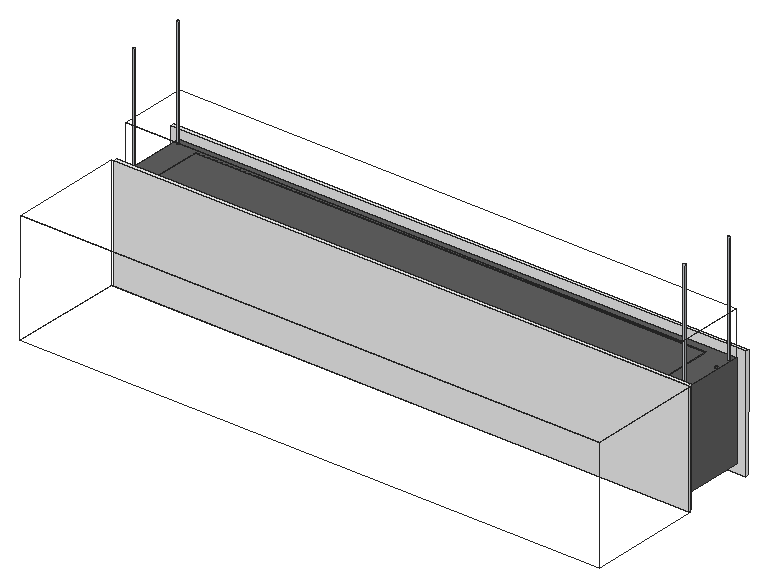
Revit family "AIRTECNICS_AIR CURTAIN_ZEN BB_AIR ONLY (A)", category Equipos mecánicos, Revit 2016
Family settings
  Tipo de pieza = Normal
  Cota de conector redondo = Diámetro de uso
  Número OmniClass = 23.75.70.21.17
  Título OmniClass = Air Curtains
  Se basa en plano de trabajo = No
  Siempre vertical = Sí
  Corte con vacíos al cargar = No
  Compartido = No
  Punto de cálculo de habitación = No
Parameters (values of type "ZEN BB 2500 A")
  · POSITION · [instance] = "-/ Select Curtain Position /-"  # constant formula
  · OTHERS · [instance] = "-/ Select Supports - Inst.Maint. Space /-"  # constant formula
  · HEATING · [instance] = "-/ Select Heating /-"  # constant formula
  Weight [instance] = size_lookup(Name_Lookup_Data, "Weight", 1.00 kg, CT)  # 94.00 kg
  Voltage [instance] = 230 V  # constant formula
  Vertical Right [instance] = no
  Vertical Left [instance] = no
  URL_Manufacturer = "https://www.airtecnics.com/"
  URL_Datasheet = "https://www.airtecnics.com/download/file/7538/zen-bb.pdf"
  Supports Length [instance] = 500.0 mm
  Supports (Horizontal) [instance] = yes
  Revit Version = "Revit 2016 - English"  # constant formula
  Review Date = "02/2019"  # constant formula
  Remote Control = "-"  # constant formula
  URL = "https://www.airtecnics.com/products/air-curtain-zen-bb"
  Product Size = if(L = 1000.0 mm, "1000", if(L = 1500.0 mm, "1500", if(L = 2000.0 mm, "2000", "2500")))  # "2500"
  Product Reference [instance] = size_lookup(Name_Lookup_Ref, "", "Consult Manufacturer", CT)  # "ZEN BB 2500 A"
  Product Heating [instance] = "Air"  # constant formula
  Product Description [instance] = size_lookup(Name_Lookup_Data, "", "", CT)  # "Decorative air curtain in contemporary architectural style. Its minimalist and smart design integrates in any environment and offers infinite options to customize.\r\nThe panels can include logos, lighting, signage, safety or information signs, graphics, pictures, clocks, all according to customer specifications.\r\nFront anodized aluminium panels. Optionally manufactured in brushed or mirror polished stainless steel. Other materials are possible, such as galvanized steel, smooth or texturated skinplate, wood, etc.\r\nCentral structure made of galvanized steel finished in black forge as standard. Other colours are available on request. \r\nAnodized aluminium outlet vanes, airfoil shaped, adjustable in both directions.\r\nEC Double-inlet centrifugal fans driven by an external rotor motor and low noise level, with very low consumption efficency fans.\r\n“A” type without heating, air only. \r\nIncludes Clever control (programmable, automatic, intelligent, energy saving, Modbus RTU for BMS…)\r\nAir Volume: 9380 m3/h \r\nFans:  2,037 kW  9,03 A 230Vx1 50/60Hz\r\nDimensions: 341x513x2620 mm (depth, height, length)"
  Power Fans Factor [instance] = 0.98  # constant formula
  Power Fans [instance] = size_lookup(Name_Lookup_Data, "Power Fans", 1 kW, CT)  # 2.037 kW
  Noise Level (dB(A)) [instance] = size_lookup(Name_Lookup_Data, "Noise Level (dB(A))", 1, CT)  # 69
  Name_Lookup_Ref = "ZEN BB_(A)_Ref_Lookup"  # constant formula
  Name_Lookup_Data = "ZEN BB_(A)_Data_Lookup"  # constant formula
  Modelo = "Air Curtain ZEN BB A"  # constant formula
  Material Panels [instance] = AIRTECNICS_Alumium Anodized
  Material Grille = AIRTECNICS_Perforated_Black Forge
  Material Curtain [instance] = AIRTECNICS_Black Forge
  Length = if(L = 1000.0 mm, 1220.0 mm, if(L = 1500.0 mm, 1620.0 mm, if(L = 2000.0 mm, 2120.0 mm, 2620.0 mm)))  # 2620.0 mm
  Height = 513.0 mm  # constant formula
  Frequency = 50 Hz  # constant formula
  Fans Stage = 5  # constant formula
  Family Version = "1.0"  # constant formula
  Depth = 341.0 mm  # constant formula
  Current Fans [instance] = size_lookup(Name_Lookup_Data, "Current Fans", 1 A, CT)  # 9.03 A
  Created by = "BIMETRICAL"  # constant formula
  Control [instance] = "Clever Kit"  # constant formula
  Cable = "-"  # constant formula
  CT [instance] = if(L = 1000.0 mm, 2, 0) + if(L = 1500.0 mm, 4, 0) + if(L = 2000.0 mm, 8, 0) + if(L = 2500.0 mm, 16, 0)  # 16
  Aspiration/Maintenance Space [instance] = yes
  Apparent Load [instance] = size_lookup(Name_Lookup_Data, "Apparent Load", 1000 VA, CT)  # 2079 VA
  Airflow [instance] = size_lookup(Name_Lookup_Data, "Airflow", 1 m³/h, CT)  # 9380 m³/h
  B [instance] = if(Horizontal, 256.5 mm, if(L < 1500.0 mm, (1220.0 mm / 2) + 18.0 mm, (L + 120.0 mm) / 2 + 18.0 mm))  # 256.5 mm
  L = 2500.0 mm
  Imagen de tipo = <Ninguno>
  IfcExportType = "CENTRIFUGALFORWARDCURVED"  # constant formula
  IfcExportAs = "IfcFanType"  # constant formula
  Horizontal [instance] = if(or(Vertical Left, Vertical Right), 1 = 0, 1 = 1)  # yes
  Fabricante = "AIRTECNICS"  # constant formula
  Description = ""
  Comentarios de tipo = "Decorative air curtain in contemporary architectural style. Its minimalist and smart design integrates in any environment and offers infinite options to customize.\r\nThe panels can include logos, lighting, signage, safety or information signs, graphics, pictures, clocks, all according to customer specifications.\r\nFront anodized aluminium panels. Optionally manufactured in brushed or mirror polished stainless steel. Other materials are possible, such as galvanized steel, smooth or texturated skinplate, wood, etc.\r\nCentral structure made of galvanized steel finished in black forge as standard. Other colours are available on request. \r\nAnodized aluminium outlet vanes, airfoil shaped, adjustable in both directions.\r\nEC Double-inlet centrifugal fans driven by an external rotor motor and low noise level, with very low consumption efficency fans.\r\n“P” type with water heated coil. “E” type with electrical shielded elements, three stages with integrated regulation. “A” type without heating, air only. Optional expansion DX coil.\r\nIncludes Clever control (programmable, automatic, intelligent, energy saving, Modbus RTU for BMS…)"  # constant formula
  BIMETRICAL Category = "Fan"  # constant formula
  BIMETRICAL = "http://www.bimetrical.com"  # constant formula
  Angle [instance] = if(Horizontal, 90.00°, if(Vertical Left, 180.00°, 0.00°))  # 90.00°
  A [instance] = 1 = 1  # yes
Types (4, lengths in mm): name | Weight | Product Size | Product Reference | Product Description | Power Fans | Noise Level (dB(A)) | Length | Current Fans | CT | Apparent Load | Airflow | L
  ZEN BB 1500 A | 55.50 kg | "1500" | "ZEN BB 1500 A" | "Decorative air curtain in contemporary architectural style. Its minimalist and smart design integrates in any environment and offers infinite options to customize.\r\nThe panels can include logos, lighting, signage, safety or information signs, graphics, pictures, clocks, all according to customer specifications.\r\nFront anodized aluminium panels. Optionally manufactured in brushed or mirror polished stainless steel. Other materials are possible, such as galvanized steel, smooth or texturated skinplate, wood, etc.\r\nCentral structure made of galvanized steel finished in black forge as standard. Other colours are available on request. \r\nAnodized aluminium outlet vanes, airfoil shaped, adjustable in both directions.\r\nEC Double-inlet centrifugal fans driven by an external rotor motor and low noise level, with very low consumption efficency fans.\r\n“A” type without heating, air only. \r\nIncludes Clever control (programmable, automatic, intelligent, energy saving, Modbus RTU for BMS…)\r\nAir Volume: 5360 m3/h \r\nFans:  1,164 kW  5,16 A 230Vx1 50/60Hz\r\nDimensions: 341x513x1620 mm (depth, height, length)" | 1.164 kW | 67 | 1620.0 | 5.16 A | 4 | 1188 VA | 5360 m³/h | 1500.0
  ZEN BB 2000 A | 78.00 kg | "2000" | "ZEN BB 2000 A" | "Decorative air curtain in contemporary architectural style. Its minimalist and smart design integrates in any environment and offers infinite options to customize.\r\nThe panels can include logos, lighting, signage, safety or information signs, graphics, pictures, clocks, all according to customer specifications.\r\nFront anodized aluminium panels. Optionally manufactured in brushed or mirror polished stainless steel. Other materials are possible, such as galvanized steel, smooth or texturated skinplate, wood, etc.\r\nCentral structure made of galvanized steel finished in black forge as standard. Other colours are available on request. \r\nAnodized aluminium outlet vanes, airfoil shaped, adjustable in both directions.\r\nEC Double-inlet centrifugal fans driven by an external rotor motor and low noise level, with very low consumption efficency fans.\r\n“A” type without heating, air only. \r\nIncludes Clever control (programmable, automatic, intelligent, energy saving, Modbus RTU for BMS…)\r\nAir Volume: 8040 m3/h \r\nFans:  1,746 kW  7,74 A 230Vx1 50/60Hz\r\nDimensions: 341x513x2120 mm (depth, height, length)" | 1.746 kW | 68 | 2120.0 | 7.74 A | 8 | 1782 VA | 8040 m³/h | 2000.0
  ZEN BB 2500 A | 94.00 kg | "2500" | "ZEN BB 2500 A" | "Decorative air curtain in contemporary architectural style. Its minimalist and smart design integrates in any environment and offers infinite options to customize.\r\nThe panels can include logos, lighting, signage, safety or information signs, graphics, pictures, clocks, all according to customer specifications.\r\nFront anodized aluminium panels. Optionally manufactured in brushed or mirror polished stainless steel. Other materials are possible, such as galvanized steel, smooth or texturated skinplate, wood, etc.\r\nCentral structure made of galvanized steel finished in black forge as standard. Other colours are available on request. \r\nAnodized aluminium outlet vanes, airfoil shaped, adjustable in both directions.\r\nEC Double-inlet centrifugal fans driven by an external rotor motor and low noise level, with very low consumption efficency fans.\r\n“A” type without heating, air only. \r\nIncludes Clever control (programmable, automatic, intelligent, energy saving, Modbus RTU for BMS…)\r\nAir Volume: 9380 m3/h \r\nFans:  2,037 kW  9,03 A 230Vx1 50/60Hz\r\nDimensions: 341x513x2620 mm (depth, height, length)" | 2.037 kW | 69 | 2620.0 | 9.03 A | 16 | 2079 VA | 9380 m³/h | 2500.0
  ZEN BB 1000 A | 39.00 kg | "1000" | "ZEN BB 1000 A" | "Decorative air curtain in contemporary architectural style. Its minimalist and smart design integrates in any environment and offers infinite options to customize.\r\nThe panels can include logos, lighting, signage, safety or information signs, graphics, pictures, clocks, all according to customer specifications.\r\nFront anodized aluminium panels. Optionally manufactured in brushed or mirror polished stainless steel. Other materials are possible, such as galvanized steel, smooth or texturated skinplate, wood, etc.\r\nCentral structure made of galvanized steel finished in black forge as standard. Other colours are available on request. \r\nAnodized aluminium outlet vanes, airfoil shaped, adjustable in both directions.\r\nEC Double-inlet centrifugal fans driven by an external rotor motor and low noise level, with very low consumption efficency fans.\r\n“A” type without heating, air only. \r\nIncludes Clever control (programmable, automatic, intelligent, energy saving, Modbus RTU for BMS…)\r\nAir Volume: 4020 m3/h \r\nFans:  0,873 kW  3,87 A 230Vx1 50/60Hz\r\nDimensions: 341x513x1220 mm (depth, height, length)" | 0.873 kW | 66 | 1220.0 | 3.87 A | 2 | 891 VA | 4020 m³/h | 1000.0
Reference planes
  plane 1 "Centro (Frontal/Posterior)": z = 0
  plane 2: y = 246.57
  plane 3 "Centro (Izquierda/Derecha)": x = 0
  plane 4 "Susp": z = 256.5
Lines and regions (mm)
  reference lines
    curve 1: line (0, 246.57, 256.5) -> (0, 246.57, 111.5)
Dimensions and locks
  "B": plane 4 "Susp" to plane 1 "Centro (Frontal/Posterior)"
  "Angle": angle plane 4 "Susp" to curve 1
  aligned and locked: plane 3 "Centro (Izquierda/Derecha)" to curve 1
  aligned and locked: plane 4 "Susp" to curve 1
Nested families
  nested 1: "GEOM_ZEN BB" at (0, 234.594, 256.5), type "GEOM_ZEN BB"
    with Z 0.0 mm, Water Pipes_P2 yes, Vertical Left no, VME no, VMD no, V1 yes, P no, K 833.0 mm, J 847.0 mm, H 833.0 mm, G 817.0 mm, D_Pipping_Connector 20 mm, C_P 2, C_L 8, C2_D 114.0 mm, C2_C 68.5 mm, C2_B 92.94 mm, C2_A 404.52 mm, C1_D 54.0 mm, C1_C 26.52 mm, C1_B 92.94 mm, L 2500.0 mm, I 2544.0 mm, Horizontal yes, F 2490.0 mm, E 2620.0 mm, A.Conn_2 90.00°, A.Conn_1 -90.00°, A 2515.0 mm
Connectors
  electrical at (1255.5, 289.594, 473), driven by "Voltage", driven by "Apparent Load", driven by "Power Fans Factor"
    settings: on nested 1, index 1, voltage 230 V, apparent load 2079 VA, apparent load phase1 0 VA, apparent load phase2 0 VA, apparent load phase3 0 VA, power factor 0.98, load classification "HVAC", number of poles 1, system type 30, power factor state 1, is connector primary yes, connector utility no, sub classification motor no, connector description ""
Definition of nested family "GEOM_ZEN BB"
  Parameters (values of type "GEOM_ZEN BB")
    Z = if(Horizontal, 0.0 mm, if(L = 1000.0 mm, E / 2 + 18.0 mm, E / 2 + 20.0 mm))  # 830.0 mm
    Water Pipes_P4 = no
    Water Pipes_P3 = no
    Water Pipes_P2 = no
    Water Pipes_P1 = no
    Vsup = yes
    Vertical Right = no
    Vertical Left = yes
    VME = if(and(P, Vertical Right, Water Pipes_P4), 1 = 0, if(not(P), 1 = 0, 1 = 1))  # yes
    VMD = if(and(P, Vertical Left, Water Pipes_P1), 1 = 0, if(not(P), 1 = 0, 1 = 1))  # yes
    V1 = if(and(Vsup, Horizontal), 1 = 1, 1 = 0)  # no
    Revit Version = "Revit 2016 - English"  # constant formula
    Review Date = "02/19"  # constant formula
    P = yes
    O = if(L = 1000.0 mm, 54.5 mm, 52.5 mm)  # 52.5 mm
    Model = "ZEN BB"  # constant formula
    Material Perforated = none
    Material Panels = none
    Material Curtain = none
    Family Version = "2.0"  # constant formula
    Manufacturer = "AIRTECNICS"  # constant formula
    M = if(or(and(Vertical Left, Water Pipes_P1), and(Vertical Right, Water Pipes_P4)), 15.0 mm + 58.0 mm, 15.0 mm)  # 15.0 mm
    Lookup_Dimensions.C2_Name = "C2_Dimensions_Lookup"  # constant formula
    Lookup_Dimensions.C1_Name = "C1_Dimensions_Lookup"  # constant formula
    L_Sup = 500.0 mm
    K = if(L = 2500.0 mm, 833.0 mm, 0.0 mm)  # 0.0 mm
    J = if(L = 1500.0 mm, 764.0 mm, if(L = 2000.0 mm, 1014.0 mm, if(L = 2500.0 mm, 847.0 mm, 573.5 mm)))  # 764.0 mm
    H = if(L < 2500.0 mm, 0.0 mm, 817.0 mm + 16.0 mm)  # 0.0 mm
    G = if(L < 2500.0 mm, (E / 2) - 76.0 mm, 817.0 mm)  # 734.0 mm
    D_Pipping_Connector = 25 mm
    Created by = "BIMETRICAL"  # constant formula
    C_P = if(Water Pipes_P1, 1, if(Water Pipes_P2, 2, if(Water Pipes_P3, 4, 8)))  # 8
    C_L = if(L = 1000.0 mm, 1, if(L = 1500.0 mm, 2, if(L = 2000.0 mm, 4, 8)))  # 2
    C2_D = size_lookup(Lookup_Dimensions.C2_Name, "C2_D", 114.0 mm, C_L, C_P)  # 52.5 mm
    C2_C = size_lookup(Lookup_Dimensions.C2_Name, "C2_C", 68.5 mm, C_L, C_P)  # 53.0 mm
    C2_B = size_lookup(Lookup_Dimensions.C2_Name, "C2_B", 92.9 mm, C_L, C_P)  # 1527.05 mm
    C2_A = size_lookup(Lookup_Dimensions.C2_Name, "C2_A", 404.5 mm, C_L, C_P)  # 403.5 mm
    C1_D = size_lookup(Lookup_Dimensions.C1_Name, "C1_D", 54.0 mm, C_L, C_P)  # 291.0 mm
    C1_C = size_lookup(Lookup_Dimensions.C1_Name, "C1_C", 26.5 mm, C_L, C_P)  # 52.95 mm
    C1_B = size_lookup(Lookup_Dimensions.C1_Name, "C1_B", 92.9 mm, C_L, C_P)  # 1527.05 mm
    C1_A = size_lookup(Lookup_Dimensions.C1_Name, "C1_A", 447.5 mm, C_L, C_P)  # 446.5 mm
    L = 1500.0 mm
    I = if(L = 1000.0 mm, L + 140.0 mm, L + 44.0 mm)  # 1544.0 mm
    Horizontal = not(or(Vertical Left, Vertical Right))  # no
    F = I - 54.0 mm  # 1490.0 mm
    E = if(L = 1000.0 mm, L + 220.0 mm, L + 120.0 mm)  # 1620.0 mm
    Default Elevation = 1219.2 mm
    C = if(and(Water Pipes_P4, Horizontal, P), 100.0 mm, if(and(Water Pipes_P4, Vertical Left, P), 100.0 mm, 10.0 mm))  # 10.0 mm
    BIMETRICAL = "http://www.bimetrical.com/"  # constant formula
    B = if(and(Water Pipes_P1, Horizontal, P), 100.0 mm, if(and(Water Pipes_P1, Vertical Right, P), 100.0 mm, 10.0 mm))  # 10.0 mm
    Aspiration/Maintenance Space = yes
    A.Conn_2 = size_lookup(Lookup_Dimensions.C2_Name, "A.Conn_2", 90.00°, C_L, C_P)  # 180.00°
    A.Conn_1 = size_lookup(Lookup_Dimensions.C1_Name, "A.Conn_1", -90.00°, C_L, C_P)  # 180.00°
    A = if(L = 1000.0 mm, L + 115.0 mm, L + 15.0 mm)  # 1515.0 mm
  Reference planes
    plane 1 "Centro (Frontal/Posterior)": y = 0
    plane 2: z = 0
    plane 3 "Centro (Izquierda/Derecha)": x = 0
    plane 4: x = -810
    plane 5: x = 810
    plane 6: x = -770
    plane 7: x = 770
    plane 8: z = 256.5
    plane 9: z = -256.5
    plane 10: z = 216.5
    plane 11: z = -216.5
    plane 12: y = 170.5
    plane 13: y = 154.5
    plane 14: y = -170.5
    plane 15: y = -154.5
    plane 16: x = -745
    plane 17: x = 745
    plane 18: x = 0
    plane 19: x = -5
    plane 20: x = -8
    plane 21: x = 5
    plane 22: x = 8
    plane 23: x = -742
    plane 24: x = 0
    plane 25: x = -5
    plane 26: x = -8
    plane 27: x = 5
    plane 28: x = 8
    plane 29: y = -120.5
    plane 30: x = 717.05
    plane 31: z = 190
    plane 32: y = 118
    plane 33: z = 147
    plane 34: x = 717.05
    plane 35: x = -820
    plane 36: x = 820
    plane 37: y = 133.499
    plane 38: y = 64.222
    plane 39: y = 114.86
    plane 40: y = 82.86
  Forms (mm)
    Extrusion 1, solid
      sketch origin (0, 0, 0) x (1, 0, 0) y (0, 1, 0)
        loop
          line (-1219.2, 1219.2) -> (-1219.2, -1219.2) -> (1219.2, -1219.2) -> (1219.2, 1219.2) -> (-1219.2, 1219.2)
      from 0 to -304.8
    Extrusion 2, solid, material <- "Material Panels"
      sketch origin (0, -170.5, 326.389) x (0, 0, 1) y (1, 0, 0)
        loop
          line (-69.889, -810) -> (-69.889, 810) -> (-582.889, 810) -> (-582.889, -810) -> (-69.889, -810)
      from 0 to 16
    Extrusion 3, solid, material <- "Material Panels"
      sketch origin (0, 154.5, 326.389) x (0, 0, 1) y (1, 0, 0)
        loop
          line (-69.889, -810) -> (-69.889, 810) -> (-582.889, 810) -> (-582.889, -810) -> (-69.889, -810)
      from 0 to 16
    Extrusion 4, solid, material <- "Material Curtain"
      sketch origin (0, 0, 0) x (0, 1, 0) y (0, 0, 1)
        loop
          line (154.5, 216.5) -> (-154.5, 216.5) -> (-154.5, -216.5) -> (154.5, -216.5) -> (154.5, 216.5)
      from -770 to 770
    Extrusion 5, void
      sketch origin (-1104.823, -4572, 216.5) x (-1, 0, 0) y (0, -1, 0)
        loop
          line (-439.823, -4686) -> (-439.823, -4458) -> (-1764.323, -4458) -> (-1764.323, -4686) -> (-439.823, -4686)
      from 0 to -93
    Extrusion 6, solid
      sketch origin (-745, -4572, -102.205) x (0, 0, 1) y (0, -1, 0)
        loop
          line (-114.295, -4654.86) -> (-114.295, -4686.86) -> (-82.295, -4686.86) -> (-82.295, -4654.86) -> (-114.295, -4654.86)
      from 0 to 3
    Extrusion 7, solid
      sketch origin (995, -4572, -102.205) x (0, 0, 1) y (0, 1, 0)
        loop
          line (-114.295, 4686.86) -> (-114.295, 4654.86) -> (-82.295, 4654.86) -> (-82.295, 4686.86) -> (-114.295, 4686.86)
      from 250 to 253
    Extrusion 8, solid
      sketch origin (-8, -4572, -85.115) x (0, 0, 1) y (0, -1, 0)
        loop
          line (-131.385, -4654.86) -> (-131.385, -4686.86) -> (-99.385, -4686.86) -> (-99.385, -4654.86) -> (-131.385, -4654.86)
      from 0 to 3
    Extrusion 9, solid
      sketch origin (-540.688, -4572, -85.115) x (0, 0, 1) y (0, -1, 0)
        loop
          line (-131.385, -4686.86) -> (-99.385, -4686.86) -> (-99.385, -4654.86) -> (-131.385, -4654.86) -> (-131.385, -4686.86)
      from 545.688 to 548.688
    Extrusion 10, solid
      sketch origin (-5, -4572, -85.115) x (0, 0, 1) y (0, -1, 0)
        loop
          line (-131.385, -4705.499) -> (-99.385, -4705.499) -> (-99.385, -4636.222) -> (-131.385, -4636.222) -> (-131.385, -4705.499)
      from 0 to 10
    Extrusion 11, solid
      sketch origin (-8, -4572, -85.115) x (0, 0, 1) y (0, -1, 0)
        loop
          line (-131.385, -4686.86) -> (-99.385, -4686.86) -> (-99.385, -4654.86) -> (-131.385, -4654.86) -> (-131.385, -4686.86)
      from 0 to 3
    Extrusion 12, solid
      sketch origin (292.312, -4572, -85.115) x (0, 0, 1) y (0, -1, 0)
        loop
          line (-131.385, -4686.86) -> (-99.385, -4686.86) -> (-99.385, -4654.86) -> (-131.385, -4654.86) -> (-131.385, -4686.86)
      from -287.312 to -284.312
    Extrusion 13, solid
      sketch origin (-5, -4572, -85.115) x (0, 0, 1) y (0, -1, 0)
        loop
          line (-131.385, -4636.222) -> (-131.385, -4705.499) -> (-99.385, -4705.499) -> (-99.385, -4636.222) -> (-131.385, -4636.222)
      from 0 to 10
    Extrusion 14, solid, visible <- "P"
      sketch origin (770, -119.74, 190.115) x (0, 1, 0) y (0, 0, 1)
        loop
          circle (-0.76, -0.115) r 12.5
      from 0 to 15 <- "M"
    Extrusion 15, solid, visible <- "P"
      sketch origin (770.05, 118, 109.716) x (0, 1, 0) y (0, 0, 1)
        loop
          circle (-0.05, 37.284) r 12.5
      from 0 to 15 <- "M"
    Extrusion 16, solid, material <- "Material Curtain"
      sketch origin (-1104.823, -4572, 216.5) x (-1, 0, 0) y (0, -1, 0)
        loop
          circle (-1860.323, -4627) r 5
      from 0 to -1
    Extrusion 17, solid, visible <- "Aspiration/Maintenance Space"
      sketch origin (-5, -4572, -85.115) x (0, 0, 1) y (0, -1, 0)
        loop
          line (501.615, -4726.5) -> (501.615, -4417.5) -> (301.615, -4417.5) -> (301.615, -4726.5) -> (501.615, -4726.5)
      from -765 to 775
    Extrusion 18, solid, visible <- "Aspiration/Maintenance Space"
      sketch origin (-5, -4572, -85.115) x (0, 0, 1) y (0, -1, 0)
        loop
          line (341.615, -4401.5) -> (341.615, -3881.5) -> (-171.385, -3881.5) -> (-171.385, -4401.5) -> (341.615, -4401.5)
      from -815 to 825
    Extrusion 19, solid, visible <- "V1"
      sketch origin (-1104.823, -4572, 216.5) x (-1, 0, 0) y (0, -1, 0)
        loop
          circle (-349.323, -4698) r 4
        loop
          circle (-349.323, -4446) r 4
        loop
          circle (-1860.323, -4698) r 4
        loop
          circle (-1860.323, -4446) r 4
      from -1 to 500
    Extrusion 20, solid, material <- "Material Curtain", visible <- "Vertical Left"
      sketch origin (-770, -4572, 335.707) x (0, 0, 1) y (0, -1, 0)
        loop
          line (-119.207, -4726.5) -> (-119.207, -4417.5) -> (-552.207, -4417.5) -> (-552.207, -4726.5) -> (-119.207, -4726.5)
      from 0 to -58
    Extrusion 21, solid, material <- "Material Curtain", visible <- "Vertical Right"
      sketch origin (770, -4572, 335.707) x (0, 0, 1) y (0, 1, 0)
        loop
          line (-552.207, 4417.5) -> (-119.207, 4417.5) -> (-119.207, 4726.5) -> (-552.207, 4726.5) -> (-552.207, 4417.5)
      from 0 to -58
    Extrusion 22, void
      sketch origin (-5, -4572, -85.115) x (0, 0, 1) y (0, -1, 0)
        loop
          line (-62.286, -4705.499) -> (-62.286, -4636.222) -> (-131.385, -4636.222) -> (-131.385, -4705.499) -> (-62.286, -4705.499)
      from -740 to 750
    Extrusion 23, solid
      sketch origin (-5, -4572, -85.115) x (0, 0, 1) y (0, -1, 0)
        loop
          arc (-128.628, -4679.508) -> (-129.788, -4680.87) -> (-128.6, -4682.207) r 1.363
          line (-128.6, -4682.207) -> (-109.335, -4685.649)
          arc (-109.335, -4685.649) -> (-105.016, -4680.91) -> (-109.832, -4676.675) r 4.495
          line (-109.832, -4676.675) -> (-128.628, -4679.508)
        loop
          line (-128.569, -4662.571) -> (-109.226, -4665.545)
          arc (-109.226, -4665.545) -> (-105.023, -4660.702) -> (-109.94, -4656.586) r 4.495
          line (-109.94, -4656.586) -> (-128.663, -4659.873)
          arc (-128.663, -4659.873) -> (-129.789, -4661.263) -> (-128.569, -4662.571) r 1.363
      from -740 to 750
    Extrusion 24, solid, visible <- "VMD"
      sketch origin (-770, -4572, 335.707) x (0, 0, 1) y (0, -1, 0)
        loop
          line (-119.207, -4726.5) -> (-119.207, -4417.5) -> (-552.207, -4417.5) -> (-552.207, -4726.5) -> (-119.207, -4726.5)
      from 0 to -10
    Extrusion 25, solid, visible <- "VME"
      sketch origin (770, -4572, 335.707) x (0, 0, 1) y (0, 1, 0)
        loop
          line (-552.207, 4726.5) -> (-552.207, 4417.5) -> (-119.207, 4417.5) -> (-119.207, 4726.5) -> (-552.207, 4726.5)
      from 0 to -10
    Extrusion 26, solid, material <- "Material Perforated"
      sketch origin (4942.502, -2468.783, 211.5) x (0, -1, 0) y (1, 0, 0)
        loop
          line (-2354.783, -5607.502) -> (-2354.783, -4283.002) -> (-2582.783, -4283.002) -> (-2582.783, -5607.502) -> (-2354.783, -5607.502)
      from 0 to 5
  Cuts and joins
    Extrusion 5, Extrusion 22 cuts Extrusion 4
    Extrusion 22 cuts Extrusion 21
  Lines and regions (mm)
    reference lines
      curve 1: line (717.05, -120.5, 190) -> (770, -120.5, 190)
      curve 2: line (717.05, 118, 147) -> (770.05, 118, 147)
    symbolic lines, visible <- "Aspiration/Maintenance Space"
      curve 3: line (-5, 154.5, 216.5) -> (-5, 154.5, 416.5)
      curve 4: line (-5, 154.5, 416.5) -> (-5, -154.5, 416.5)
      curve 5: line (-5, -154.5, 416.5) -> (-5, -154.5, 216.5)
      curve 6: line (-5, -170.5, 256.5) -> (-5, -690.5, 256.5)
      curve 7: line (-5, -690.5, 256.5) -> (-5, -690.5, -256.5)
      curve 8: line (-5, -690.5, -256.5) -> (-5, -170.5, -256.5)
      curve 9: line (-770, 118, 256.5) -> (-770, 118, 416.5)
      curve 10: line (-770, 118, 416.5) -> (770, 118, 416.5)
      curve 11: line (770, 118, 416.5) -> (770, 118, 256.5)
      curve 12: line (-810, 118, 256.5) -> (-820, 118, 256.5)
      curve 13: line (-820, 118, 256.5) -> (-820, 118, -256.5)
      curve 14: line (-820, 118, -256.5) -> (-810, 118, -256.5)
      curve 15: line (810, 118, 256.5) -> (820, 118, 256.5)
      curve 16: line (820, 118, 256.5) -> (820, 118, -256.5)
      curve 17: line (820, 118, -256.5) -> (810, 118, -256.5)
      curve 18: line (-810, -170.5, 216.5) -> (-820, -170.5, 216.5)
      curve 19: line (-820, -170.5, 216.5) -> (-820, -690.5, 216.5)
      curve 20: line (-820, -690.5, 216.5) -> (820, -690.5, 216.5)
      curve 21: line (820, -690.5, 216.5) -> (820, -170.5, 216.5)
      curve 22: line (820, -170.5, 216.5) -> (810, -170.5, 216.5)
    symbolic lines
      curve 23: line (-810, 170.5, 216.5) -> (810, 170.5, 216.5)
      curve 24: line (-810, 154.5, 216.5) -> (-810, 170.5, 216.5)
      curve 25: line (810, 154.5, 216.5) -> (-810, 154.5, 216.5)
      curve 26: line (810, 170.5, 216.5) -> (810, 154.5, 216.5)
      curve 27: line (-810, -154.5, 216.5) -> (810, -154.5, 216.5)
      curve 28: line (-810, -170.5, 216.5) -> (-810, -154.5, 216.5)
      curve 29: line (810, -170.5, 216.5) -> (-810, -170.5, 216.5)
      curve 30: line (810, -154.5, 216.5) -> (810, -170.5, 216.5)
      curve 31: line (-770, -154.5, 216.5) -> (770, -154.5, 216.5)
      curve 32: line (-770, 154.5, 216.5) -> (-770, -154.5, 216.5)
      curve 33: line (770, 154.5, 216.5) -> (-770, 154.5, 216.5)
      curve 34: line (770, -154.5, 216.5) -> (770, 154.5, 216.5)
      curve 35: line (-5, -154.5, 256.5) -> (-5, -170.5, 256.5)
      curve 36: line (-5, -154.5, -256.5) -> (-5, -154.5, 256.5)
      curve 37: line (-5, -170.5, -256.5) -> (-5, -154.5, -256.5)
      curve 38: line (-5, -170.5, 256.5) -> (-5, -170.5, -256.5)
      curve 39: line (-5, 154.5, 216.5) -> (-5, -154.5, 216.5)
      curve 40: line (-5, 154.5, -216.5) -> (-5, -154.5, -216.5)
      curve 41: line (-5, 170.5, 256.5) -> (-5, 154.5, 256.5)
      curve 42: line (-5, 170.5, -256.5) -> (-5, 170.5, 256.5)
      curve 43: line (-5, 154.5, -256.5) -> (-5, 170.5, -256.5)
      curve 44: line (-5, 154.5, 256.5) -> (-5, 154.5, -256.5)
      curve 45: arc (-5, 107.508, -213.743) -> (-5, 108.87, -214.903) -> (-5, 110.207, -213.715) r 1.363
      curve 46: line (-5, 110.207, -213.715) -> (-5, 113.649, -194.45)
      curve 47: arc (-5, 113.649, -194.45) -> (-5, 108.91, -190.131) -> (-5, 104.675, -194.947) r 4.495
      curve 48: line (-5, 104.675, -194.947) -> (-5, 107.508, -213.743)
      curve 49: line (-5, 90.571, -213.684) -> (-5, 93.545, -194.342)
      curve 50: line (-5, 84.586, -195.055) -> (-5, 87.873, -213.778)
      curve 51: arc (-5, 87.873, -213.778) -> (-5, 89.263, -214.904) -> (-5, 90.571, -213.684) r 1.363
      curve 52: arc (-5, 93.545, -194.342) -> (-5, 88.702, -190.138) -> (-5, 84.586, -195.055) r 4.495
      curve 53: line (-745, 93.545, 216.5) -> (745, 93.545, 216.5)
      curve 54: line (-745, 84.565, 216.5) -> (-745, 93.545, 216.5)
      curve 55: line (745, 84.565, 216.5) -> (-745, 84.565, 216.5)
      curve 56: line (745, 93.545, 216.5) -> (745, 84.565, 216.5)
      curve 57: line (745, 104.458, 216.5) -> (-745, 104.458, 216.5)
      curve 58: line (745, 113.432, 216.5) -> (745, 104.458, 216.5)
      curve 59: line (-745, 113.432, 216.5) -> (745, 113.432, 216.5)
      curve 60: line (-745, 104.458, 216.5) -> (-745, 113.432, 216.5)
  Dimensions and locks
    equal spacing: plane 5, plane 3 "Centro (Izquierda/Derecha)", plane 4
    "E": plane 5 to plane 4
    locked: plane 6 to plane 4 at 40
    locked: plane 7 to plane 5 at 40
    equal spacing: plane 8, level, plane 9
    locked: plane 8 to level at 256.5
    plane 8 to plane 9 = 513.0 mm
    locked: plane 8 to plane 10 at 40
    locked: plane 9 to plane 11 at 40
    locked: plane 12 to plane 13 at 16
    locked: plane 14 to plane 15 at 16
    locked: plane 12 to plane 1 "Centro (Frontal/Posterior)" at 170.5
    equal spacing: plane 12, plane 1 "Centro (Frontal/Posterior)", plane 14
    equal spacing: Extrusion 5 sketch curve, plane 1 "Centro (Frontal/Posterior)", Extrusion 5 sketch curve
    locked: Extrusion 5 sketch curve to Extrusion 5 sketch curve at 228
    locked: plane 4 to Extrusion 5 sketch curve at 145
    locked: Extrusion 5 sketch curve to plane 5 at 150.5
    locked: plane 16 to plane 4 at 65
    locked: plane 17 to plane 5 at 65
    locked: Extrusion 7 to plane 17 at 3
    plane 22 to plane 21 to plane 18 to plane 19 to plane 20 = 3.0 mm locked, 5.0 mm locked, 5.0 mm locked, 3.0 mm locked
    locked: plane 23 to plane 16 at 3
    "G": plane 20 to plane 23
    plane 28 to plane 27 to plane 24 to plane 25 to plane 26 = 3.0 mm locked, 5.0 mm locked, 5.0 mm locked, 3.0 mm locked
    "H": plane 26 to plane 20
    locked: plane 10 to cut or joined group of Extrusion 4, Extrusion 5, Extrusion 22 at 93
    "C1_D": plane 29 to plane 12
    "C1_B": plane 30 to plane 4
    "C1_A": plane 31 to plane 9
    "C1_C": curve 1 to curve 1
    "C2_D": plane 32 to plane 12
    "C2_A": plane 33 to plane 9
    "C2_B": plane 34 to plane 4
    plane 34 to plane 7 = 52.95 mm
    "C2_C": curve 2 to curve 2
    locked: Extrusion 16 sketch curve to plane 12 at 115.5
    locked: Extrusion 16 sketch curve to plane 7 at 14.5
    Extrusion 17 sketch curve to plane 10 = 200.0 mm
    locked: plane 14 to Extrusion 18 sketch curve at 520
    locked: Extrusion 18 to plane 4 at 10
    plane 36 to plane 5 = 10.0 mm
    locked: plane 6 to Extrusion 19 sketch curve at 14.5  (x2)
    locked: Extrusion 19 sketch curve to plane 12 at 44.5  (x2)
    locked: Extrusion 19 sketch curve to plane 14 at 44.5  (x2)
    locked: Extrusion 19 sketch curve to plane 7 at 14.5  (x2)
    "L_Sup": Extrusion 19 to plane 10
    plane 13 to Extrusion 22 sketch curve to Extrusion 22 sketch curve = 21.001 mm locked, 69.277 mm locked
    plane 12 to plane 39 to plane 40 = 55.64 mm locked, 32.0 mm locked
    Extrusion 23 sketch curve to Extrusion 23 sketch curve to plane 12 = 20.099 mm locked, 61.342 mm locked
    plane 10 to plane 31 = 26.5 mm
    plane 10 to plane 33 = 69.5 mm
    "C": Extrusion 25 to plane 7
    Extrusion 20 to plane 6 = 58.0 mm
    "B": Extrusion 24 to plane 6
    "D_Pipping_Connector": diameter of Extrusion 14 sketch curve
    "D_Pipping_Connector": diameter of Extrusion 15 sketch curve
    "A.Conn_1": angle plane 31 to curve 1
    "A.Conn_2": angle curve 2 to plane 33
    aligned and locked: plane 2 to Extrusion 1
    aligned and locked: level to Extrusion 1
    aligned and locked: plane 8 to Extrusion 2 sketch curve
    aligned and locked: Extrusion 2 sketch curve to plane 4
    aligned and locked: plane 9 to Extrusion 2 sketch curve
    aligned and locked: plane 5 to Extrusion 2 sketch curve
    aligned and locked: plane 15 to Extrusion 2
    aligned and locked: Extrusion 3 to plane 12
    aligned and locked: plane 13 to Extrusion 3
    aligned and locked: plane 10 to Extrusion 4 sketch curve
    aligned and locked: Extrusion 4 sketch curve to plane 13
    aligned and locked: plane 11 to Extrusion 4 sketch curve
    aligned and locked: Extrusion 4 sketch curve to plane 15
    aligned and locked: Extrusion 4 to plane 6
    aligned and locked: Extrusion 4 to plane 7
    aligned and locked: plane 19 to Extrusion 8
    aligned and locked: plane 21 to Extrusion 9
    aligned and locked: Extrusion 9 to plane 22
    aligned and locked: Extrusion 10 to plane 21
    aligned and locked: Extrusion 10 to plane 19
    aligned and locked: plane 23 to Extrusion 6
    aligned and locked: Extrusion 7 to plane 17
    aligned and locked: plane 25 to Extrusion 11
    aligned and locked: plane 27 to Extrusion 12
    aligned and locked: Extrusion 12 to plane 28
    aligned and locked: Extrusion 13 to plane 27
    aligned and locked: Extrusion 13 to plane 25
    aligned and locked: plane 30 to curve 1
    aligned and locked: plane 31 to curve 1
    aligned and locked: plane 34 to curve 2
    aligned and locked: plane 33 to curve 2
    aligned and locked: Extrusion 17 sketch curve to cut or joined group of Extrusion 4, Extrusion 5, Extrusion 22
    aligned and locked: plane 15 to Extrusion 17 sketch curve
    aligned and locked: Extrusion 17 to plane 7
    aligned and locked: Extrusion 17 to plane 6
    aligned and locked: Extrusion 18 sketch curve to plane 14
    aligned and locked: Extrusion 18 to plane 36
    aligned and locked: curve 11 to Extrusion 17
    aligned and locked: plane 6 to curve 9
    aligned and locked: curve 13 to Extrusion 18
    aligned and locked: plane 36 to curve 21
    aligned and locked: curve 23 to Extrusion 3
    aligned and locked: curve 24 to Extrusion 3
    aligned and locked: curve 25 to Extrusion 3
    aligned and locked: curve 26 to Extrusion 3
    aligned and locked: curve 27 to Extrusion 2
    aligned and locked: curve 28 to Extrusion 2
    aligned and locked: curve 22 to curve 29
    aligned and locked: curve 30 to Extrusion 2
    aligned and locked: curve 27 to curve 31
    aligned and locked: curve 32 to cut or joined group of Extrusion 4, Extrusion 5, Extrusion 22
    aligned and locked: curve 25 to curve 33
    aligned and locked: curve 34 to cut or joined group of Extrusion 4, Extrusion 5, Extrusion 22
    aligned and locked: curve 35 to Extrusion 2
    aligned and locked: curve 36 to curve 5
    aligned and locked: curve 8 to curve 37
    aligned and locked: curve 38 to Extrusion 2
    aligned and locked: curve 41 to Extrusion 3
    aligned and locked: curve 42 to Extrusion 3
    aligned and locked: curve 43 to Extrusion 3
    aligned and locked: curve 44 to Extrusion 3
    aligned and locked: Extrusion 20 sketch curve to cut or joined group of Extrusion 4, Extrusion 5, Extrusion 22  (x4)
    aligned and locked: Extrusion 21 sketch curve to cut or joined group of Extrusion 4, Extrusion 5, Extrusion 22  (x4)
    aligned and locked: Extrusion 22 to plane 17
    aligned and locked: Extrusion 22 to plane 16
    aligned and locked: Extrusion 23 to plane 17
    aligned and locked: Extrusion 23 to plane 16
    aligned and locked: Extrusion 6 sketch curve to plane 39
    aligned and locked: plane 40 to Extrusion 6 sketch curve
    aligned and locked: Extrusion 8 sketch curve to plane 39
    aligned and locked: plane 40 to Extrusion 8 sketch curve
    aligned and locked: cut or joined group of Extrusion 4, Extrusion 5, Extrusion 22 to Extrusion 10 sketch curve
    aligned and locked: Extrusion 10 sketch curve to cut or joined group of Extrusion 4, Extrusion 5, Extrusion 22
    aligned and locked: plane 39 to Extrusion 9
    aligned and locked: plane 39 to Extrusion 11
    aligned and locked: plane 39 to Extrusion 12
    aligned and locked: plane 39 to Extrusion 7
    aligned and locked: Extrusion 13 sketch curve to cut or joined group of Extrusion 4, Extrusion 5, Extrusion 22  (x2)
    aligned and locked: Extrusion 9 to plane 40
    aligned and locked: Extrusion 11 to plane 40
    aligned and locked: Extrusion 12 to plane 40
    aligned and locked: Extrusion 7 to plane 40
    aligned and locked: curve 19 to Extrusion 18
    aligned and locked: Extrusion 23 to curve 53
    aligned and locked: Extrusion 24 sketch curve to cut or joined group of Extrusion 4, Extrusion 5, Extrusion 22  (x4)
    aligned and locked: Extrusion 25 sketch curve to cut or joined group of Extrusion 4, Extrusion 5, Extrusion 22  (x4)
    aligned and locked: Extrusion 26 sketch curve to cut or joined group of Extrusion 4, Extrusion 5, Extrusion 22  (x4)
  Automatic sketch dimensions
    Extrusion 1 sketch curve to Extrusion 1 sketch curve = 2438.4 mm  (x2)
    Extrusion 3 sketch curve to plane 4 = 0.0 mm
    Extrusion 3 sketch curve to plane 9 = 0.0 mm
    Extrusion 3 sketch curve to plane 8 = 0.0 mm
    Extrusion 3 sketch curve to plane 5 = 0.0 mm
    plane 11 to Extrusion 6 sketch curve = 0.0 mm
    Extrusion 6 sketch curve to plane 11 = 32.0 mm
    plane 11 to Extrusion 7 sketch curve = 0.0 mm
    Extrusion 7 sketch curve to plane 39 = 0.0 mm
    Extrusion 7 sketch curve to plane 40 = 0.0 mm
    plane 11 to Extrusion 7 sketch curve = 32.0 mm
    plane 11 to Extrusion 8 sketch curve = 0.0 mm
    Extrusion 8 sketch curve to plane 11 = 32.0 mm
    plane 11 to Extrusion 9 sketch curve = 0.0 mm
    Extrusion 9 sketch curve to plane 39 = 0.0 mm
    Extrusion 9 sketch curve to plane 40 = 0.0 mm
    Extrusion 9 sketch curve to plane 11 = 32.0 mm
    plane 11 to Extrusion 10 sketch curve = 0.0 mm
    Extrusion 10 sketch curve to plane 11 = 32.0 mm
    plane 11 to Extrusion 11 sketch curve = 0.0 mm
    Extrusion 11 sketch curve to plane 39 = 0.0 mm
    Extrusion 11 sketch curve to plane 40 = 0.0 mm
    Extrusion 11 sketch curve to plane 11 = 32.0 mm
    plane 11 to Extrusion 12 sketch curve = 0.0 mm
    Extrusion 12 sketch curve to plane 39 = 0.0 mm
    Extrusion 12 sketch curve to plane 40 = 0.0 mm
    Extrusion 12 sketch curve to plane 11 = 32.0 mm
    plane 11 to Extrusion 13 sketch curve = 0.0 mm
    Extrusion 13 sketch curve to plane 11 = 32.0 mm
    Extrusion 17 sketch curve to plane 10 = 0.0 mm
    plane 9 to Extrusion 18 sketch curve = 0.0 mm
    Extrusion 18 sketch curve to plane 8 = 0.0 mm
    plane 9 to curve 8 = 0.0 mm
    plane 11 to curve 40 = 0.0 mm
    curve 3 to plane 10 = 0.0 mm
    curve 4 to plane 15 = 0.0 mm
    curve 3 to plane 13 = 0.0 mm
    curve 50 to plane 11 = 2.722 mm
    curve 46 to plane 11 = 2.785 mm
    curve 50 to curve 49 = 0.094 mm
    curve 51 to curve 51 = 0.142 mm
    curve 45 to curve 45 = 0.174 mm
    plane 40 to curve 50 = 1.725 mm
    curve 50 to curve 50 = 18.723 mm
    curve 48 to plane 39 = 10.185 mm
    curve 45 to curve 48 = 18.594 mm
    curve 50 to curve 52 = 0.436 mm
    curve 47 to curve 47 = 0.328 mm
    curve 46 to plane 39 = 1.211 mm
    curve 47 to curve 46 = 0.169 mm
    plane 40 to curve 49 = 10.685 mm
    curve 52 to curve 49 = 0.277 mm
    plane 8 to curve 4 = 160.0 mm
    curve 46 to plane 39 = 4.654 mm
    curve 45 to curve 45 = 1.352 mm
    plane 40 to curve 49 = 7.71 mm
    curve 51 to curve 51 = 1.355 mm
    curve 7 to plane 14 = 520.0 mm
    curve 48 to curve 45 = 0.203 mm
    curve 48 to curve 45 = 0.0 mm
    curve 45 to curve 48 = 0.0 mm
    curve 15 to plane 8 = 0.0 mm
    curve 15 to plane 36 = 0.0 mm
    curve 17 to plane 5 = 0.0 mm
    curve 15 to plane 5 = 0.0 mm
    curve 12 to plane 4 = 0.0 mm
    curve 14 to plane 4 = 0.0 mm
    curve 13 to plane 9 = 0.0 mm
    curve 17 to plane 9 = 0.0 mm
    curve 12 to plane 8 = 0.0 mm
    curve 11 to plane 8 = 0.0 mm
    curve 9 to plane 8 = 0.0 mm
    plane 8 to curve 10 = 160.0 mm
    curve 58 to plane 17 = 0.0 mm
    curve 56 to plane 17 = 0.0 mm
    curve 54 to plane 16 = 0.0 mm
    curve 60 to plane 16 = 0.0 mm
    curve 28 to plane 14 = 0.0 mm
    curve 59 to plane 39 = 1.429 mm
    curve 59 to curve 60 = 8.974 mm
    plane 40 to curve 55 = 1.704 mm
    curve 20 to plane 14 = 520.0 mm
    plane 11 to Extrusion 22 sketch curve = 0.0 mm
    Extrusion 22 sketch curve to plane 11 = 69.099 mm
    Extrusion 23 sketch curve to plane 11 = 2.722 mm
    Extrusion 23 sketch curve to plane 11 = 2.785 mm
    Extrusion 23 sketch curve to Extrusion 23 sketch curve = 0.094 mm
    Extrusion 23 sketch curve to Extrusion 23 sketch curve = 0.236 mm
    Extrusion 23 sketch curve to Extrusion 23 sketch curve = 0.174 mm
    plane 40 to Extrusion 23 sketch curve = 1.725 mm
    Extrusion 23 sketch curve to Extrusion 23 sketch curve = 18.723 mm
    Extrusion 23 sketch curve to plane 39 = 10.185 mm
    Extrusion 23 sketch curve to Extrusion 23 sketch curve = 18.594 mm
    Extrusion 23 sketch curve to Extrusion 23 sketch curve = 0.328 mm
    Extrusion 23 sketch curve to Extrusion 23 sketch curve = 0.436 mm
    Extrusion 23 sketch curve to plane 39 = 1.211 mm
    plane 40 to Extrusion 23 sketch curve = 10.685 mm
    Extrusion 23 sketch curve to plane 39 = 4.654 mm
    Extrusion 23 sketch curve to Extrusion 23 sketch curve = 1.352 mm
    plane 40 to Extrusion 23 sketch curve = 7.71 mm
    Extrusion 23 sketch curve to Extrusion 23 sketch curve = 1.355 mm
    Extrusion 23 sketch curve to Extrusion 23 sketch curve = 0.203 mm
    Extrusion 23 sketch curve to Extrusion 23 sketch curve = 0.0 mm  (x2)
    Extrusion 14 sketch curve to plane 29 = 0.0 mm
    Extrusion 14 sketch curve to plane 31 = 0.0 mm
    Extrusion 15 sketch curve to plane 33 = 0.0 mm
    Extrusion 15 sketch curve to plane 32 = 0.05 mm
    radius of Extrusion 16 sketch curve = 5.0 mm
    radius of Extrusion 19 sketch curve = 4.0 mm  (x4)
